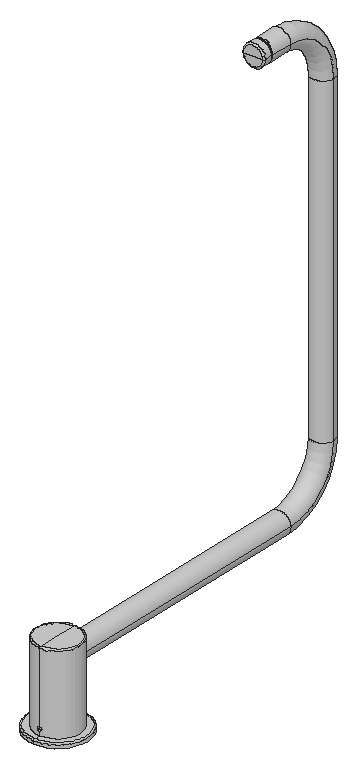
Revit family "Urbane II Upswept Shower Arm - 400mm", category Specialty Equipment, host Face, Revit 2019
Family settings
  Host = Face
  Round Connector Dimension = Use Radius
  Part Type = Normal
  OmniClass Number = 23.45.05.14.17
  OmniClass Title = Showers
  Cut with Voids When Loaded = No
  Shared = No
  Room Calculation Point = No
Parameters (values of type "Urbane II Upswept Shower Arm - 400mm - Chrome")
  URL = "https://www.caroma.com.au/"
  Model = "99642C"
  Material_Base = GWA_Metal-Chrome
  Manufacturer = "GWA Bathrooms & Kitchens"  # constant formula
  Description = "Urbane II Upswept Shower Arm - 400mm - Chrome"
  Default Elevation = 1000 mm
  CreatedBy_ANZRS = "GWA Bathrooms & Kitchens"  # constant formula
  Assembly Code = "D2010710"
Types (6, lengths in mm): name | Model | Material_Base | Description
  (no name) | "99642C" | GWA_Metal-Chrome | "Urbane II Upswept Shower Arm - 400mm - Chrome"
  Urbane II Upswept Shower Arm - 400mm - Chrome | "99642C" | GWA_Metal-Chrome | "Urbane II Upswept Shower Arm - 400mm - Chrome"
  Urbane II Upswept Shower Arm - 400mm - Matte Black | "99642B" | GWA-Metal-Black | "Urbane II Upswept Shower Arm - 400mm - Matte Black"
  Urbane II Upswept Shower Arm - 400mm - Brushed Brass | "99642BB" | GWA_Metal-Brushed-Brass | "Urbane II Upswept Shower Arm - 400mm - Brushed Brass"
  Urbane II Upswept Shower Arm - 400mm - Gunmetal | "99642GM" | GWA-Metal-Gunmetal Grey | "Urbane II Upswept Shower Arm - 400mm - Gunmetal"
  Urbane II Upswept Shower Arm - 400mm - Brushed Nickel | "99642BN" | GWA_Metal-Brushed-Nickel | "Urbane II Upswept Shower Arm - 400mm - Brushed Nickel"
Reference planes
  plane 1 "Center (Front/Back)": y = 0
  plane 2: z = 0
  plane 3 "Center (Left/Right)": x = 0
Forms (mm)
  Revolve 1, solid, material "GWA_Metal-Chrome" <- "Material_Base"
    sketch origin (0, 320.415, 459) x (0, -1, 0) y (1, 0, 0)
      loop
        line (84.315, 0) -> (94.615, 0) -> (94.615, 8.8) -> (93.115, 10.3) -> (86.615, 10.3) -> (86.615, 9.2) -> (84.315, 9.2) -> (84.315, 0)
      axis (94.615, 0) -> (84.315, 0)
    angle from 0 to 360
  Revolve 2, solid, material "GWA_Metal-Chrome" <- "Material_Base"
    sketch origin (0, 0, 0) x (0, 1, 0) y (0, 0, 1)
      loop
        line (0, 0) -> (27.5, 0) -> (27.5, 3)
        arc (27.5, 3) -> (27.207, 3.707) -> (26.5, 4) r 1
        line (26.5, 4) -> (0, 4) -> (0, 0)
      axis (0, 4) -> (0, 0)
    angle from 0 to 360
  Sweep 3, solid, material "GWA_Metal-Chrome" <- "Material_Base"
    path origin (0, 0, 0) x (0, 1, 0) y (0, 0, 1)
      loop
        line (0, 59) -> (256.1, 59)
        arc (256.1, 59) -> (291.455, 73.645) -> (306.1, 109) r 50
        line (306.1, 109) -> (306.1, 409)
        arc (306.1, 409) -> (291.455, 444.355) -> (256.1, 459) r 50
        line (256.1, 459) -> (236.1, 459)
    profile origin (0, 128.05, 59) x (0, 0, 1) y (1, 0, 0)
      loop
        circle (0, 0) r 10.3
  Extrusion 4, void
    sketch origin (0, 0, 0) x (1, 0, 0) y (0, 0, 1)
      loop
        circle (0, 9.5) r 2.05
    from 19 to 25
  Extrusion 5, void
    sketch origin (0, 0, 0) x (1, 0, 0) y (0, 0, 1)
      loop
        circle (0, 59) r 10.5
    from -30 to 0
  Extrusion 6, void
    sketch origin (0, 0, 0) x (1, 0, 0) y (0, 0, 1)
      loop
        circle (0, 9.5) r 2.05
    from -19 to -25
  Revolve 7, solid, material "GWA_Metal-Chrome" <- "Material_Base"
    sketch origin (0, 0, 0) x (0, 1, 0) y (0, 0, 1)
      loop
        line (0, 4) -> (0, 77.5) -> (-19.5, 77.5)
        arc (-19.5, 77.5) -> (-20.207, 77.207) -> (-20.5, 76.5) r 1
        line (-20.5, 76.5) -> (-20.5, 4) -> (0, 4)
      axis (0, 77.5) -> (0, 4)
    angle from 0 to 360
Cuts and joins
  Extrusion 4, Extrusion 5, Extrusion 6 cuts Revolve 7
Lines and regions (mm)
  Masking region 1
    outline origin (0, 0, 0) x (0, 1, 0) y (0, 0, 1)
      loop
        line (20.5, 48.7) -> (256.1, 48.7)
        arc (256.1, 48.7) -> (298.739, 66.361) -> (316.4, 109) r 60.3
        line (316.4, 109) -> (316.4, 409)
        arc (316.4, 409) -> (298.739, 451.639) -> (256.1, 469.3) r 60.3
        line (256.1, 469.3) -> (236.1, 469.3) -> (236.1, 468.2) -> (233.8, 468.2) -> (233.8, 469.3) -> (227.3, 469.3) -> (225.8, 467.8) -> (225.8, 450.2) -> (227.3, 448.7) -> (233.8, 448.7) -> (233.8, 449.8) -> (236.1, 449.8) -> (236.1, 448.7) -> (256.1, 448.7)
        arc (256.1, 448.7) -> (284.172, 437.072) -> (295.8, 409) r 39.7
        line (295.8, 409) -> (295.8, 109)
        arc (295.8, 109) -> (284.172, 80.928) -> (256.1, 69.3) r 39.7
        line (256.1, 69.3) -> (20.5, 69.3) -> (20.5, 76.5)
        arc (20.5, 76.5) -> (20.207, 77.207) -> (19.5, 77.5) r 1
        line (19.5, 77.5) -> (-19.5, 77.5)
        arc (-19.5, 77.5) -> (-20.207, 77.207) -> (-20.5, 76.5) r 1
        line (-20.5, 76.5) -> (-20.5, 4) -> (-26.5, 4)
        arc (-26.5, 4) -> (-27.207, 3.707) -> (-27.5, 3) r 1
        line (-27.5, 3) -> (-27.5, 0) -> (27.5, 0) -> (27.5, 3)
        arc (27.5, 3) -> (27.207, 3.707) -> (26.5, 4) r 1
        line (26.5, 4) -> (20.5, 4) -> (20.5, 48.7)
  Masking region 2
    outline origin (0, 0, 0) x (1, 0, 0) y (0, 0, 1)
      loop
        line (27.5, 0) -> (27.5, 3)
        arc (27.5, 3) -> (27.207, 3.707) -> (26.5, 4) r 1
        line (26.5, 4) -> (20.5, 4) -> (20.5, 76.5)
        arc (20.5, 76.5) -> (20.207, 77.207) -> (19.5, 77.5) r 1
        line (19.5, 77.5) -> (10.3, 77.5) -> (10.3, 459)
        arc (10.3, 459) -> (0, 469.3) -> (-10.3, 459) r 10.3
        line (-10.3, 459) -> (-10.3, 77.5) -> (-19.5, 77.5)
        arc (-19.5, 77.5) -> (-20.207, 77.207) -> (-20.5, 76.5) r 1
        line (-20.5, 76.5) -> (-20.5, 4) -> (-26.5, 4)
        arc (-26.5, 4) -> (-27.207, 3.707) -> (-27.5, 3) r 1
        line (-27.5, 3) -> (-27.5, 0) -> (27.5, 0)
  Masking region 3
    outline origin (0, 0, 0) x (1, 0, 0) y (0, 1, 0)
      loop
        line (10.3, 25.498) -> (10.3, 306.1)
        arc (10.3, 306.1) -> (0, 316.4) -> (-10.3, 306.1) r 10.3
        line (-10.3, 306.1) -> (-10.3, 25.498)
        arc (-10.3, 25.498) -> (0, -27.5) -> (10.3, 25.498) r 27.5
  symbolic lines
    curve 1: line (-27.5, 0, 0) -> (27.5, 0, 0)
    curve 2: line (0, 236.1, 469.3) -> (0, 236.1, 448.7)
    curve 3: line (0, 225.8, 450.2) -> (0, 225.8, 467.8)
    curve 4: line (0, 227.3, 469.3) -> (0, 233.8, 469.3)
    curve 5: line (0, 233.8, 469.3) -> (0, 233.8, 448.7)
    curve 6: line (0, 233.8, 468.2) -> (0, 236.1, 468.2)
    curve 7: line (0, 227.3, 469.3) -> (0, 227.3, 448.7)
    curve 8: line (0, 227.3, 448.7) -> (0, 233.8, 448.7)
    curve 9: line (0, 233.8, 449.8) -> (0, 236.1, 449.8)
    curve 10: line (0, 225.8, 467.8) -> (0, 227.3, 469.3)
    curve 11: line (0, 225.8, 450.2) -> (0, 227.3, 448.7)
    curve 12: arc (10.3, 0, 459) -> (0, 0, 469.3) -> (-10.3, 0, 459) r 10.3
    curve 13: line (-8.8, 225.8, 0) -> (8.8, 225.8, 0)
    curve 14: line (-10.3, 227.3, 0) -> (10.3, 227.3, 0)
    curve 15: line (9.2, 236.1, 0) -> (9.2, 233.8, 0)
    curve 16: line (-9.2, 236.1, 0) -> (-9.2, 233.8, 0)
    curve 17: line (-10.3, 233.8, 0) -> (10.3, 233.8, 0)
    curve 18: line (-10.3, 236.1, 0) -> (10.3, 236.1, 0)
    curve 19: line (-10.3, 227.3, 0) -> (-8.8, 225.8, 0)
    curve 20: line (8.8, 225.8, 0) -> (10.3, 227.3, 0)
    curve 31: line (0, -27.5, 0) -> (0, -27.5, 3)
    curve 32: line (0, -26.5, 4) -> (0, 26.5, 4)
    curve 33: line (0, 27.5, 3) -> (0, 27.5, 0)
    curve 34: line (0, 27.5, 0) -> (0, -27.5, 0)
    curve 35: line (0, -20.5, 4) -> (0, -20.5, 76.5)
    curve 36: line (0, -19.5, 77.5) -> (0, 19.5, 77.5)
    curve 37: line (0, 20.5, 76.5) -> (0, 20.5, 69.5)
    curve 38: arc (0, 20.5, 69.5) -> (0, 17.607, 59) -> (0, 20.5, 48.5) r 20.5
    curve 39: arc (0, -20.5, 76.5) -> (0, -20.207, 77.207) -> (0, -19.5, 77.5) r 1
    curve 40: arc (0, 19.5, 77.5) -> (0, 20.207, 77.207) -> (0, 20.5, 76.5) r 1
    curve 41: arc (0, -26.5, 4) -> (0, -27.207, 3.707) -> (0, -27.5, 3) r 1
    curve 42: arc (0, 26.5, 4) -> (0, 27.207, 3.707) -> (0, 27.5, 3) r 1
    curve 43: line (0, 20.5, 48.5) -> (0, 20.5, 4)
    curve 44: line (10.3, 0, 459) -> (10.3, 0, 59)
    curve 45: line (-10.3, 0, 59) -> (-10.3, 0, 459)
    curve 46: arc (10.3, 0, 59) -> (0, 0, 48.7) -> (-10.3, 0, 59) r 10.3
    curve 47: line (27.5, 0, 0) -> (27.5, 0, 3)
    curve 48: line (26.5, 0, 4) -> (-26.5, 0, 4)
    curve 49: line (-27.5, 0, 3) -> (-27.5, 0, 0)
    curve 50: line (20.5, 0, 4) -> (20.5, 0, 76.5)
    curve 51: line (19.5, 0, 77.5) -> (10.3, 0, 77.5)
    curve 52: line (-20.5, 0, 76.5) -> (-20.5, 0, 4)
    curve 53: arc (20.5, 0, 76.5) -> (20.207, 0, 77.207) -> (19.5, 0, 77.5) r 1
    curve 54: arc (-19.5, 0, 77.5) -> (-20.207, 0, 77.207) -> (-20.5, 0, 76.5) r 1
    curve 55: arc (-26.5, 0, 4) -> (-27.207, 0, 3.707) -> (-27.5, 0, 3) r 1
    curve 56: arc (26.5, 0, 4) -> (27.207, 0, 3.707) -> (27.5, 0, 3) r 1
    curve 57: line (-10.3, 0, 77.5) -> (-19.5, 0, 77.5)
    curve 58: circle (0, 0, 9.5) r 2.05 normal (0, -1, 0)
    curve 59: arc (10.3, 306.1, 0) -> (0, 316.4, 0) -> (-10.3, 306.1, 0) r 10.3
    curve 60: line (-10.3, 306.1, 0) -> (-10.3, 17.725, 0)
    curve 61: line (10.3, 306.1, 0) -> (10.3, 17.725, 0)
    curve 62: circle (0, 0, 0) r 20.5 normal (0, 0, 1)
    curve 63: arc (-10.3, 25.498, 0) -> (0, -27.5, 0) -> (10.3, 25.498, 0) r 27.5
  symbolic lines, style "SpecialityEquipment"
    curve 21: line (0, 20.382, 69.3) -> (0, 256.1, 69.3)
    curve 22: line (0, 20.382, 48.7) -> (0, 256.1, 48.7)
    curve 23: arc (0, 316.4, 109) -> (0, 298.739, 66.361) -> (0, 256.1, 48.7) r 60.3
    curve 24: arc (0, 295.8, 109) -> (0, 284.172, 80.928) -> (0, 256.1, 69.3) r 39.7
    curve 25: line (0, 295.8, 109) -> (0, 295.8, 409)
    curve 26: line (0, 316.4, 109) -> (0, 316.4, 409)
    curve 27: arc (0, 256.1, 469.3) -> (0, 298.739, 451.639) -> (0, 316.4, 409) r 60.3
    curve 28: arc (0, 256.1, 448.7) -> (0, 284.172, 437.072) -> (0, 295.8, 409) r 39.7
    curve 29: line (0, 236.1, 448.7) -> (0, 256.1, 448.7)
    curve 30: line (0, 236.1, 469.3) -> (0, 256.1, 469.3)
Dimensions and locks
  aligned and locked: plane 2 to host face
  aligned and locked: level to host face
